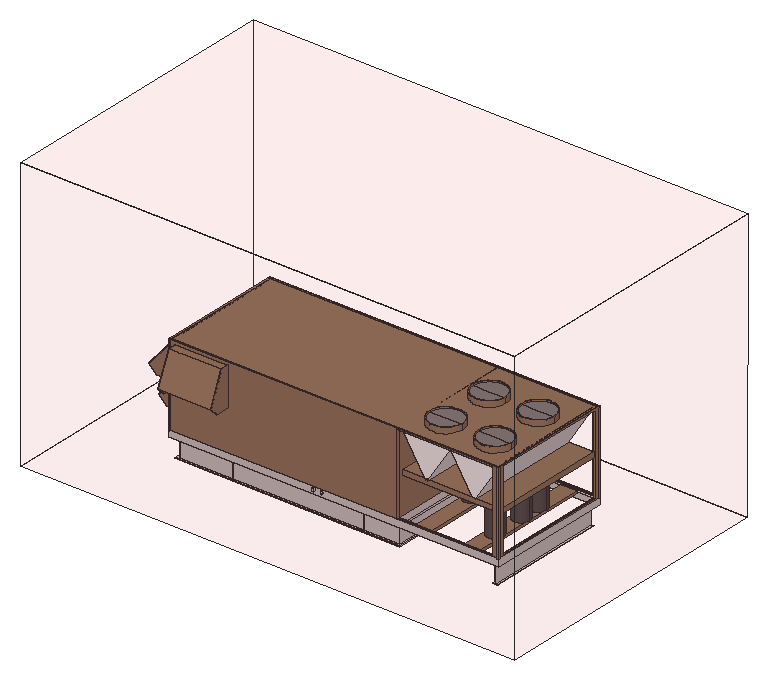
Revit family
Parameters (values of type "25 Ton - A - C - W - 208V")
  Width = 92"  # constant formula
  Water Supply Connection Diameter = 2"  # constant formula
  Water Return Connection Diameter = 2"  # constant formula
  Water Heating Pressure Drop [instance] = 0.00 psi
  Water Out Connector Description = "Water Out"  # constant formula
  Voltage = 208 V
  URL = "www.johnsoncontrols.com"
  Temperature Rise Range [instance] = 0 °F
  Supply Fan HP = 0 VA
  Supply Fan Full Load Current = 0 A
  Supply Air Connection Width = 71 39/64"  # constant formula
  Supply Air Connection Height = 26"  # constant formula
  Supply Air Connection Description = "Supply Air"  # constant formula
  Steady State Efficiency [instance] = 0
  Static Resistance [instance] = 0
  Standard Capacity Evaporator [instance] = "12.3"
  Serial Number [instance] = ""
  Seasonal Energy Efficiency Rating [instance] = 0
  Right Screen Detail Width = Width - 8"  # 84"
  Return Dry Bulb Temperature [instance] = 68 °F
  Return Air Connection Width = 83"  # constant formula
  Return Air Connection Height = 38 151/256"  # constant formula
  Return Air Connection Description = "Return Air"  # constant formula
  Refrigerant Used = "R-410A"  # constant formula
  Refrigerant Charge System Two = 12.00 lbf
  Refrigerant Charge System Three = 10.00 lbf
  Refrigerant Charge System One = 12.00 lbf
  Refrigerant Charge System Four = 10.00 lbf
  Product Page URL = "http://www.johnsoncontrols.com/publish/us/en/products/building_efficiency/integrated_hvac_systems/Industrial___Commercial_HVAC_Equipment/single-package_units/series_40.html"
  Product Documentation Link = "http://www.johnsoncontrols.com/publish/etc/medialib/jci/be/commercial/products/industrial___commercial/single-package_units.Par.62966.File.dat/series%2040-%20T%20series.pdf"
  Power Front Connection Diameter = 2 1/2"  # constant formula
  Power Factor = 1  # constant formula
  Power Exhaust Width = 59 133/256"  # constant formula
  Power Exhaust [instance] = yes
  Power Convenience Outlet Description [instance] = if(Power Convenience Outlet, "Convenience Electrical Connection", "Disable")  # "Convenience Electrical Connection"
  Power Convenience Outlet [instance] = yes
  Power Connector Description = "Equipment Power"  # constant formula
  Power Connection Diameter = 3 5/8"  # constant formula
  Outdoor Ambient Temperature [instance] = 75 °F
  Outdoor Air Wet Bulb Temperature [instance] = 57 °F
  Operating Weight = 0.00 lbf
  OmniClass Title = "Packaged Rooftop Air Conditioning Units"  # constant formula
  OmniClass Number = "23.75.10.24.21.27.14"  # constant formula
  Number of Poles = 3
  Nominal Cooling Capacity = 0.0 ton
  Model = "V32AW"
  Maximum Overcurrent Protection = 0 A
  Manufacturer = "Johnson Controls, Inc."  # constant formula
  Length = 240"  # constant formula
  Keynote = "15700"
  Integrated Part Load Value = 0
  Water In Connector Description = "Water In"  # constant formula
  Heating Water Entering Temperature [instance] = 0 °F
  Hot Gas By Pass [instance] = no
  Height = 64"  # constant formula
  Water Inlet Offset Front = 11 225/256"  # constant formula
  Water Connection Radius = Water Supply Connection Diameter / 2  # 1"
  Heating Coil Size = "22.5\" x 65\""
  Heating Coil Row Quantity = 2
  Heating Coil Fin Density per Inch = 16  # constant formula
  Power Front Connection Radius = Power Front Connection Diameter / 2  # 1 1/4"
  Frame Material = Metal - JCI - Steel - Galvanized With Wood Nailer
  Frame Finish = Paint - JCI - Powder Coated - Champagne
  Filter Type = "2\" TA"
  Filter Size and Quantity = "4 / 16 x 25 & 6 / 20 x 25"  # constant formula
  Filter Face Area = 30.40 SF  # constant formula
  Family Revision Date = "06/18/2010"  # constant formula
  Exhaust Fan Type = "FC"  # constant formula
  Exhaust Fan Quantity = 1
  Exhaust Fan HP [instance] = 0 VA
  Exhaust Fan Drive = "Belt Drive"
  Exhaust Air Flow = 0 CFM
  Exhaust Air Blower Full Load Current [instance] = 0 A
  Evaporator Coil Row Count = 2
  Evaporator Coil Fins per Inch = 16  # constant formula
  Evaporator Coil Face Area = 26.00 SF
  Economizer Damper Hood Right [instance] = not(Economizer Damper Hood Left)  # yes
  Door Screen Detail Height = Height - 5 5/8"  # 58 3/8"
  Design Supply Air Flow [instance] = 0 CFM
  Curb Exists [instance] = yes
  Convenience Outlet Voltage [instance] = if(Power Convenience Outlet, 115 V, 0 V)  # 115 V
  Convenience Outlet Full Load Current = 0 A
  External Static Pressure [instance] = 0.00 in-wg
  Energy Efficiency Rating = 10.5
  Economizer Damper Hood Left [instance] = no
  Description = "Air Handling Unit, Commercial Comfort Systems, Series 40, Cooling And Hot Water Heating-Bottom Return And Bottom Supply - 25 to 40 Ton Unit"  # constant formula
  Curb Width = 87"  # constant formula
  Curb Thicknes = 2"  # constant formula
  Curb Metal Gauge = 1/8"  # constant formula
  Curb Length = 235"  # constant formula
  Curb Height = 14"
  Curb Material = Metal - JCI - Steel - Galvanized With Wood Nailer
  Copyright © = "Copyright © 2001-2009 Johnson Controls"  # constant formula
  Condenser Fan Quantity = 4
  Condenser Fan HP = 0 VA
  Condenser Fan Full Load Current = 0 A
  Condenser Fan Drive Type = "Belt Drive"
  Condenser Fan Diameter = 24"
  Condenser Coils Fins per Inch = 16  # constant formula
  Condenser Coil Rows = 2
  Condenser Coil Material = Metal - JCI - Aluminum - Perforated - Micro Channel
  Condensate Drain Flow [instance] = 0 GPM
  Condensate Drain Connection Radius = Condensate Drain Connection Diameter / 2  # 3/4"
  Condensate Drain Connection Diameter = 1 1/2"  # constant formula
  Condensate Drain Connection Description = "Condensate Drain"  # constant formula
  Compressor Type = "Scroll"  # constant formula
  Compressor Size = "5.7 Tons"
  Compressor Running Load Current = 0 A
  Compressor Quantity = 4
  Compressor Maximum Continuous Current = 0 A
  Compressor Material = Metal - JCI - Cast Iron - Coated Black
  Compressor Locked Rotor Current = 0 A
  Clearance Top = 120"
  Clearance Right = 60"
  Clearance Left = 60"
  Clearance Front = 60"
  Clearance Bottom [instance] = if(Curb Exists, CTRL Curb Height, 0")  # 14"
  Clearance Back = 60"
  Clearance [instance] = Include Clearance : Include Clearance
  Power Connection Radius = Power Connection Diameter / 2  # 1 13/16"
  CTRL Curb Height [instance] = if(Curb Exists, if(Curb Height < 9", 8", 14"), 0")  # 14"
  Assembly Code = "D3050200"
  Actual Supply Air Flow [instance] = 0 CFM
  Actual Return Air Flow [instance] = 0 CFM
  Actual Heating Water Flow [instance] = 0 GPM
Reference planes (in)
  plane 1 "Center (Front/Back)": y = 0
  plane 2 "Curb Bottom": z = 0
  plane 3 "Center (Left/Right)": x = 0
  plane 4 "Curb Left": x = -117.5
  plane 5 "Curb Right": x = 117.5
  plane 6 "Curb Front": y = -43.5
  plane 7 "Curb Back": y = 43.5
  plane 8 "Return Air Left": x = -115.5
  plane 9 "Right Rail Center L/R": x = 115.5
  plane 10 "Return Air Front": y = -41.5
  plane 11 "Return Air Back": y = 41.5
  plane 12 "Curb Top": z = 14
  plane 13 "Curb Top Offset": z = 12.5
  plane 14 "Return Air Right": x = -76.91016
  plane 15 "Return Air Right Inset": x = -74.91016
  plane 16 "Supply Air Left": x = 18.17984
  plane 17 "Supply Air Right'": x = 44.17984
  plane 18 "Supply Air Right Offset": x = 46.17984
  plane 19 "Supply Air Left Offset": x = 16.17984
  plane 20 "Supply Air Front": y = -30.10938
  plane 21 "Supply Air Front Offset": y = -32.10938
  plane 22 "Right Rail Left": x = 113.5
  plane 23 "Right": x = 120
  plane 24 "Left": x = -120
  plane 25 "Back": y = 46
  plane 26 "Front": y = -46
  plane 27 "Center of Drain Connection L/R": x = -39.07
  plane 28 "Top of Base": z = 18.625
  plane 29 "Drain Center T/B": z = 16.3125
  plane 30 "Drain Back": y = 47
  plane 31 "Flanged Drain Left": x = -42.195
  plane 32 "Flanged Drain Right": x = -35.945
  plane 33 "Center of Electrical Connection L/R": x = -8.5
  plane 34 "Center of Electrical Connection F/B": y = -39.54
  plane 35 "Center of Connection Holes T/B": z = 17.0625
  plane 36 "Water Inlet Center F/B": y = -34.12109
  plane 37 "Water Inlet Center L/R": x = 20.42984
  plane 38 "Power Exhaust Bottom": z = 21.94
  plane 39 "Center (Elevation)": z = 46
  plane 40 "Top Inset": z = 77.5
  plane 41 "Top": z = 78
  plane 42 "Top of Economizer Rain Hood": z = 76
  plane 43 "Condenser Fans Right": x = 99.66996
  plane 44 "Condenser Fans Center L/R": x = 81.83992
  plane 45 "Condenser Fans Left": x = 64.00988
  plane 46 "Condenser Fans Back": y = 15.33333
  plane 47 "Condenser Fans Front": y = -23.97667
  plane 48 "Water Outlet Center L/R": x = 41.62984
  plane 49 "Water Outlet Center F/B": y = -37.62
  plane 50 "Power Convenience Outlet Center L/R": x = -14.5
  plane 51 "Power Convenience Outlet Left": x = -15.25
  plane 52 "Power Convenience Outlet Right": x = -13.75
  plane 53 "Power Convenience Outlet Bottom": z = 16.0625
  plane 54 "Power Convenience Outlet Top": z = 18.0625
  plane 55 "Power Convenience Outlet Front": y = -46.75
  plane 56 "Return Center": x = -96.20508
  plane 57 "Supply Center": x = 31.17219
  plane 58 "Supply Middle": y = 5.69134
Forms (in)
  Sweep 1, solid, material "Metal - JCI - Steel - Galvanized With Wood Nailer" <- "Curb Material", visible <- "Curb Exists", detail levels fine
    path origin (0, 0, 0) x (1, 0, 0) y (0, 1, 0)
      loop
        line (-115.5, 41.5) -> (-115.5, -41.5) -> (44.17984, -41.5) -> (44.17984, 41.5) -> (-115.5, 41.5)
    profile origin (-35.66008, 41.5, 0) x (0, 1, 0) y (0, 0, 1)
      loop
        line (0, 0) -> (2, 0) -> (2, 0.125) -> (0.125, 0.125) -> (0.125, 13.875) -> (1.875, 13.875) -> (1.875, 12.5) -> (2, 12.5) -> (2, 14) -> (0, 14) -> (0, 0)
  Extrusion 2, solid, material "Metal - JCI - Steel - Galvanized With Wood Nailer" <- "Curb Material", visible <- "Curb Exists", detail levels fine
    sketch origin (0, 0, 0) x (1, 0, 0) y (0, 0, 1)
      loop
        line (16.17984, 12.5) -> (16.30484, 12.5) -> (16.30484, 13.875) -> (18.05484, 13.875) -> (18.05484, 0.125) -> (16.17984, 0.125) -> (16.17984, 0) -> (18.17984, 0) -> (18.17984, 14) -> (16.17984, 14) -> (16.17984, 12.5)
      loop
        line (-74.91016, 12.5) -> (-74.91016, 14) -> (-76.91016, 14) -> (-76.91016, 0) -> (-74.91016, 0) -> (-74.91016, 0.125) -> (-76.78516, 0.125) -> (-76.78516, 13.875) -> (-75.03516, 13.875) -> (-75.03516, 12.5) -> (-74.91016, 12.5)
    from -41.5 to 41.5
  Extrusion 3, solid, material "Metal - JCI - Steel - Galvanized With Wood Nailer" <- "Curb Material", visible <- "Curb Exists", detail levels fine
    sketch origin (0, 0, 0) x (0, 1, 0) y (0, 0, 1)
      loop
        line (-32.10938, 0.125) -> (-32.10938, 0) -> (-30.10938, 0) -> (-30.10938, 14) -> (-32.10938, 14) -> (-32.10938, 12.5) -> (-31.98438, 12.5) -> (-31.98438, 13.875) -> (-30.23438, 13.875) -> (-30.23438, 0.125) -> (-32.10938, 0.125)
    from 18.17984 to 44.17984
  Extrusion 4, solid, material "Metal - JCI - Steel - Galvanized With Wood Nailer" <- "Curb Material", visible <- "Curb Exists", detail levels fine
    sketch origin (0, 0, 0) x (1, 0, 0) y (0, 0, 1)
      loop
        line (113.5, 0.125) -> (113.5, 0) -> (117.5, 0) -> (117.5, 0.125) -> (115.625, 0.125) -> (115.625, 13.875) -> (117.375, 13.875) -> (117.375, 12.5) -> (117.5, 12.5) -> (117.5, 14) -> (113.5, 14) -> (113.5, 12.5) -> (113.625, 12.5) -> (113.625, 13.875) -> (115.375, 13.875) -> (115.375, 0.125) -> (113.5, 0.125)
    from -43.5 to 43.5
  Extrusion 5, solid, material "Metal - JCI - Steel - Galvanized With Wood Nailer" <- "Curb Material", visible <- "Curb Exists", detail levels medium
    sketch origin (0, 0, 12.5) x (-1, 0, 0) y (0, -1, 0)
      loop
        line (117.5, -43.5) -> (117.5, 43.5) -> (-46.17984, 43.5) -> (-46.17984, -43.5) -> (117.5, -43.5)
      loop
        line (-113.5, -43.5) -> (-113.5, 43.5) -> (-117.5, 43.5) -> (-117.5, -43.5) -> (-113.5, -43.5)
      loop
        line (-18.17984, -41.5) -> (-18.17984, 30.10938) -> (-44.17984, 30.10938) -> (-44.17984, -41.5) -> (-18.17984, -41.5)
      loop
        line (115.5, -41.5) -> (115.5, 41.5) -> (76.91016, 41.5) -> (76.91016, -41.5) -> (115.5, -41.5)
    from -12.5 to 1.5
  Revolve 6, solid, material "Metal - JCI - Steel - Galvanized With Wood Nailer" <- "Curb Material", detail levels medium+fine
    sketch origin (0, 0, 16.3125) x (-1, 0, 0) y (0, -1, 0)
      loop
        line (39.07, -47) -> (39.07, -46) -> (38.32, -46) -> (38.32, -47) -> (39.07, -47)
      axis (39.07, -46) -> (39.07, -47)
    angle from 0 to 360
  Extrusion 7, solid, material "Metal - JCI - Steel - Galvanized With Wood Nailer" <- "Curb Material", detail levels medium+fine
    sketch origin (0, -43.5, 0) x (-1, 0, 0) y (0, 0, 1)
      loop
        line (42.195, 18.625) -> (35.945, 18.625) -> (35.945, 14) -> (42.195, 14) -> (42.195, 18.625)
      loop
        circle (39.07, 16.3125) r 0.75
    from 89.5 to 89.57955
  Extrusion 8, void
    sketch origin (0, -43.5, 0) x (-1, 0, 0) y (0, 0, 1)
      loop
        circle (8.5, 17.0625) r 1.25
    from -2.5 to 3.96
  Extrusion 9, void
    sketch origin (0, 0, 16.3125) x (-1, 0, 0) y (0, -1, 0)
      loop
        line (-18.17984, -41.5) -> (-18.17984, 30.10938) -> (-44.17984, 30.10938) -> (-44.17984, -41.5) -> (-18.17984, -41.5)
    from -3.8125 to -2.3125
  Extrusion 10, void
    sketch origin (0, 0, 16.3125) x (-1, 0, 0) y (0, -1, 0)
      loop
        line (115.5, -41.5) -> (115.5, 41.5) -> (76.91016, 41.5) -> (76.91016, -41.5) -> (115.5, -41.5)
    from -3.8125 to -2.3125
  Extrusion 11, void
    sketch origin (0, 0, 16.3125) x (-1, 0, 0) y (0, -1, 0)
      loop
        circle (-20.42984, 34.12109) r 1
    from -3.8125 to 2.3125
  Revolve 12, void
    sketch origin (0, -37.62, 0) x (-1, 0, 0) y (0, 0, 1)
      loop
        line (-41.62984, 18.625) -> (-41.62984, 12.5) -> (-40.62984, 12.5) -> (-40.62984, 18.625) -> (-41.62984, 18.625)
      axis (-41.62984, 12.5) -> (-41.62984, 18.625)
    angle from 0 to 360
  Extrusion 13, solid, material "Metal - JCI - Steel - Galvanized With Wood Nailer" <- "Frame Material", visible <- "Power Convenience Outlet", detail levels fine
    sketch origin (0, -43.5, 0) x (-1, 0, 0) y (0, 0, 1)
      loop
        line (15.25, 18.0625) -> (13.75, 18.0625) -> (13.75, 16.0625) -> (15.25, 16.0625) -> (15.25, 18.0625)
    from -3.25 to -2.5
Lines and regions (in)
  Masking region 1
    outline origin (0, 0, 0) x (1, 0, 0) y (0, 0, 1)
      loop
        line (113.5, 14) -> (113.5, 0) -> (117.5, 0) -> (117.5, 14) -> (113.5, 14)
      loop
        line (-117.5, 14) -> (-117.5, 0) -> (46.17984, 0) -> (46.17984, 14) -> (-117.5, 14)
  Masking region 2
    outline origin (0, 0, 0) x (0, 1, 0) y (0, 0, 1)
      loop
        line (-43.5, 14) -> (-43.5, 0) -> (43.5, 0) -> (43.5, 14) -> (-43.5, 14)
  Masking region 3, visible <- "Power Convenience Outlet", detail levels medium+fine
    outline origin (-39.07, 0, 0) x (0, -1, 0) y (0, 0, 1)
      loop
        line (46.75, 18.0625) -> (46, 18.0625) -> (46, 16.0625) -> (46.75, 16.0625) -> (46.75, 18.0625)
  Masking region 4, visible <- "Power Convenience Outlet"
    outline origin (0, -46.75, 0) x (0, 0, -1) y (1, 0, 0)
      loop
        line (-18.0625, -15.25) -> (-16.0625, -15.25) -> (-16.0625, -13.75) -> (-18.0625, -13.75) -> (-18.0625, -15.25)
  Masking region 5, visible <- "Power Convenience Outlet", detail levels medium+fine
    outline origin (0, 0, 16.3125) x (-1, 0, 0) y (0, -1, 0)
      loop
        line (15.25, 46) -> (15.25, 46.75) -> (13.75, 46.75) -> (13.75, 46) -> (15.25, 46)
  Masking region 6, detail levels medium+fine
    outline origin (-39.07, 0, 0) x (0, -1, 0) y (0, 0, 1)
      loop
        line (-46, 17.0625) -> (-47, 17.0625) -> (-47, 15.5625) -> (-46, 15.5625) -> (-46, 17.0625)
  Masking region 7, detail levels medium+fine
    outline origin (0, 0, 16.3125) x (-1, 0, 0) y (0, -1, 0)
      loop
        line (39.82, -47) -> (39.82, -46) -> (38.32, -46) -> (38.32, -47) -> (39.82, -47)
  model lines, style "Roof Curv", visible <- "Curb Exists", detail levels coarse
    curve 1: line (-117.5, 43.5, 0) -> (46.17984, 43.5, 0)
    curve 2: line (-117.5, 43.5, 0) -> (-117.5, -43.5, 0)
    curve 3: line (-117.5, -43.5, 0) -> (46.17984, -43.5, 0)
    curve 4: line (46.17984, 43.5, 0) -> (46.17984, -43.5, 0)
    curve 5: line (115.5, 43.5, 0) -> (115.5, -43.5, 0)
    curve 6: line (-117.5, 43.5, 14) -> (46.17984, 43.5, 14)
    curve 7: line (-117.5, -43.5, 14) -> (46.17984, -43.5, 14)
    curve 8: line (46.17984, 43.5, 14) -> (46.17984, -43.5, 14)
    curve 9: line (-117.5, 43.5, 14) -> (-117.5, -43.5, 14)
    curve 10: line (115.5, 43.5, 14) -> (115.5, -43.5, 14)
    curve 11: line (113.5, -43.5, 14) -> (117.5, -43.5, 14)
    curve 12: line (113.5, 43.5, 14) -> (117.5, 43.5, 14)
    curve 13: line (113.5, 43.5, 0) -> (117.5, 43.5, 0)
    curve 14: line (113.5, -43.5, 0) -> (117.5, -43.5, 0)
    curve 15: line (117.5, 43.5, 14) -> (117.5, 43.5, 12.5)
    curve 16: line (113.5, 43.5, 14) -> (113.5, 43.5, 12.5)
    curve 17: line (115.5, 43.5, 14) -> (115.5, 43.5, 0)
    curve 18: line (113.5, -43.5, 14) -> (113.5, -43.5, 12.5)
    curve 19: line (117.5, -43.5, 14) -> (117.5, -43.5, 12.5)
    curve 20: line (115.5, -43.5, 14) -> (115.5, -43.5, 0)
    curve 21: line (113.5, 43.5, 0) -> (113.5, -43.5, 0)
    curve 22: line (117.5, 43.5, 0) -> (117.5, -43.5, 0)
    curve 23: line (113.5, 43.5, 14) -> (113.5, -43.5, 14)
    curve 24: line (117.5, 43.5, 14) -> (117.5, -43.5, 14)
    curve 25: line (117.5, 43.5, 12.5) -> (117.5, -43.5, 12.5)
    curve 26: line (113.5, -43.5, 12.5) -> (113.5, 43.5, 12.5)
    curve 27: line (44.17984, 41.5, 14) -> (44.17984, 41.5, 0)
    curve 28: line (-115.5, 41.5, 14) -> (-115.5, 41.5, 0)
    curve 29: line (-115.5, -41.5, 14) -> (-115.5, -41.5, 0)
    curve 30: line (44.17984, -41.5, 14) -> (44.17984, -41.5, 0)
    curve 31: line (-115.5, 41.5, 0) -> (44.17984, 41.5, 0)
    curve 32: line (-115.5, -41.5, 0) -> (44.17984, -41.5, 0)
    curve 33: line (44.17984, 41.5, 0) -> (44.17984, -41.5, 0)
    curve 34: line (-115.5, 41.5, 0) -> (-115.5, -41.5, 0)
    curve 35: line (-115.5, 41.5, 14) -> (44.17984, 41.5, 14)
    curve 36: line (44.17984, 41.5, 14) -> (44.17984, -41.5, 14)
    curve 37: line (44.17984, -41.5, 14) -> (-115.5, -41.5, 14)
    curve 38: line (-115.5, -41.5, 14) -> (-115.5, 41.5, 14)
    curve 39: line (-117.5, 43.5, 14) -> (-115.5, 41.5, 14)
    curve 40: line (-117.5, -43.5, 14) -> (-115.5, -41.5, 14)
    curve 41: line (44.17984, -41.5, 14) -> (46.17984, -43.5, 14)
    curve 42: line (44.17984, 41.5, 14) -> (46.17984, 43.5, 14)
    curve 43: line (44.17984, 41.5, 0) -> (46.17984, 43.5, 0)
    curve 44: line (44.17984, -41.5, 0) -> (46.17984, -43.5, 0)
    curve 45: line (-115.5, -41.5, 0) -> (-117.5, -43.5, 0)
    curve 46: line (-115.5, 41.5, 0) -> (-117.5, 43.5, 0)
    curve 47: line (-117.5, 43.5, 14) -> (-117.5, 43.5, 12.5)
    curve 48: line (46.17984, 43.5, 14) -> (46.17984, 43.5, 12.5)
    curve 49: line (-117.5, -43.5, 14) -> (-117.5, -43.5, 12.5)
    curve 50: line (46.17984, -43.5, 14) -> (46.17984, -43.5, 12.5)
    curve 51: line (-117.5, 43.5, 12.5) -> (46.17984, 43.5, 12.5)
    curve 52: line (-117.5, -43.5, 12.5) -> (-117.5, 43.5, 12.5)
    curve 53: line (46.17984, -43.5, 12.5) -> (-117.5, -43.5, 12.5)
    curve 54: line (46.17984, 43.5, 12.5) -> (46.17984, -43.5, 12.5)
  model lines, style "Roof Curv", detail levels coarse
    curve 55: line (-39.07, 46, 16.3125) -> (-39.07, 47, 16.3125)
  symbolic lines, style "Roof Curv", detail levels coarse
    curve 56: line (-39.07, 46, 16.3125) -> (-39.07, 47, 16.3125)
    curve 57: line (-39.07, 46, 16.3125) -> (-39.07, 47, 16.3125)
  model lines, style "Frame Unit", visible <- "Power Convenience Outlet", detail levels coarse
    curve 58: line (-14.5, -46.75, 17.0625) -> (-14.5, -46, 17.0625)
    curve 61: line (-15.25, -46, 18.0625) -> (-13.75, -46, 18.0625)
    curve 62: line (-13.75, -46, 18.0625) -> (-13.75, -46, 16.0625)
    curve 63: line (-13.75, -46, 16.0625) -> (-15.25, -46, 16.0625)
    curve 64: line (-15.25, -46, 16.0625) -> (-15.25, -46, 18.0625)
  symbolic lines, style "Roof Curv", visible <- "Power Convenience Outlet", detail levels coarse
    curve 59: line (-14.5, -46.75, 17.0625) -> (-14.5, -46, 17.0625)
    curve 60: line (-14.5, -46, 16.3125) -> (-14.5, -46.75, 16.3125)
Dimensions and locks (in)
  "Curb Thicknes": plane 9 "Right Rail Center L/R" to plane 5 "Curb Right"
  "Curb Thicknes": plane 4 "Curb Left" to plane 8 "Return Air Left"
  "Curb Height": plane 12 "Curb Top" to plane 2 "Curb Bottom"
  locked: plane 12 "Curb Top" to plane 13 "Curb Top Offset" at 1.5
  "Curb Metal Gauge": Sweep 1 sketch curve to plane 7 "Curb Back"
  "Curb Metal Gauge": plane 12 "Curb Top" to Sweep 1 sketch curve
  "Curb Metal Gauge": plane 11 "Return Air Back" to Sweep 1 sketch curve
  "Curb Metal Gauge": Sweep 1 sketch curve to plane 2 "Curb Bottom"
  "Curb Thicknes": plane 14 "Return Air Right" to plane 15 "Return Air Right Inset"
  "Return Air Connection Height": plane 8 "Return Air Left" to plane 14 "Return Air Right"
  "Supply Air Connection Height": plane 16 "Supply Air Left" to plane 17 "Supply Air Right'"
  "Curb Thicknes": plane 17 "Supply Air Right'" to plane 18 "Supply Air Right Offset"
  "Curb Thicknes": plane 19 "Supply Air Left Offset" to plane 16 "Supply Air Left"
  locked: plane 18 "Supply Air Right Offset" to plane 5 "Curb Right" at 71.32016
  "Curb Metal Gauge": plane 14 "Return Air Right" to Extrusion 2 sketch curve
  "Curb Metal Gauge": Extrusion 2 sketch curve to plane 2 "Curb Bottom"  (x2)
  "Curb Metal Gauge": Extrusion 2 sketch curve to plane 15 "Return Air Right Inset"
  "Curb Metal Gauge": plane 12 "Curb Top" to Extrusion 2 sketch curve  (x2)
  "Curb Metal Gauge": plane 19 "Supply Air Left Offset" to Extrusion 2 sketch curve
  "Curb Metal Gauge": Extrusion 2 sketch curve to plane 16 "Supply Air Left"
  "Supply Air Connection Width": plane 20 "Supply Air Front" to plane 11 "Return Air Back"
  "Curb Thicknes": plane 20 "Supply Air Front" to plane 21 "Supply Air Front Offset"
  "Curb Metal Gauge": Extrusion 3 sketch curve to plane 20 "Supply Air Front"
  "Curb Metal Gauge": plane 21 "Supply Air Front Offset" to Extrusion 3 sketch curve
  "Curb Metal Gauge": plane 12 "Curb Top" to Extrusion 3 sketch curve
  "Curb Metal Gauge": Extrusion 3 sketch curve to plane 2 "Curb Bottom"
  "Curb Thicknes": plane 22 "Right Rail Left" to plane 9 "Right Rail Center L/R"
  "Curb Metal Gauge": plane 12 "Curb Top" to Extrusion 4 sketch curve
  "Curb Metal Gauge": Extrusion 4 sketch curve to plane 5 "Curb Right"
  "Curb Metal Gauge": Extrusion 4 sketch curve to plane 2 "Curb Bottom"
  "Curb Metal Gauge": Extrusion 4 sketch curve to plane 9 "Right Rail Center L/R"
  "Curb Metal Gauge": plane 9 "Right Rail Center L/R" to Extrusion 4 sketch curve
  "Curb Metal Gauge": Extrusion 4 sketch curve to plane 22 "Right Rail Left"
  equal spacing: plane 24 "Left", plane 3 "Center (Left/Right)", plane 23 "Right"
  "Length": plane 24 "Left" to plane 23 "Right"
  equal spacing: plane 25 "Back", plane 1 "Center (Front/Back)", plane 26 "Front"
  "Width": plane 25 "Back" to plane 26 "Front"
  locked: plane 7 "Curb Back" to plane 25 "Back" at 2.5
  locked: plane 6 "Curb Front" to plane 26 "Front" at 2.5
  "Curb Thicknes": plane 10 "Return Air Front" to plane 6 "Curb Front"
  "Curb Thicknes": plane 11 "Return Air Back" to plane 7 "Curb Back"
  locked: plane 5 "Curb Right" to plane 23 "Right" at 2.5
  locked: plane 24 "Left" to plane 4 "Curb Left" at 2.5
  locked: plane 24 "Left" to plane 27 "Center of Drain Connection L/R" at 80.93
  locked: plane 28 "Top of Base" to plane 12 "Curb Top" at 4.625
  equal spacing: plane 28 "Top of Base", plane 29 "Drain Center T/B", plane 12 "Curb Top"
  "Condensate Drain Connection Radius": Revolve 6 sketch curve to Revolve 6 sketch curve
  locked: plane 25 "Back" to plane 30 "Drain Back" at 1
  equal spacing: plane 32 "Flanged Drain Right", plane 27 "Center of Drain Connection L/R", plane 31 "Flanged Drain Left"
  locked: plane 32 "Flanged Drain Right" to plane 31 "Flanged Drain Left" at 6.25
  "Condensate Drain Connection Radius": Extrusion 7 sketch curve to plane 29 "Drain Center T/B"
  "Condensate Drain Connection Radius": plane 27 "Center of Drain Connection L/R" to Extrusion 7 sketch curve
  locked: plane 25 "Back" to Extrusion 7 at 0.07955
  locked: plane 33 "Center of Electrical Connection L/R" to plane 23 "Right" at 128.5
  locked: plane 34 "Center of Electrical Connection F/B" to plane 26 "Front" at 6.46
  locked: plane 35 "Center of Connection Holes T/B" to plane 12 "Curb Top" at 3.0625
  "Power Front Connection Radius": plane 33 "Center of Electrical Connection L/R" to Extrusion 8 sketch curve
  "Power Front Connection Radius": plane 35 "Center of Connection Holes T/B" to Extrusion 8 sketch curve
  "Water Inlet Offset Front": plane 36 "Water Inlet Center F/B" to plane 26 "Front"
  "Water Connection Radius": plane 37 "Water Inlet Center L/R" to Extrusion 11 sketch curve
  "Water Connection Radius": plane 36 "Water Inlet Center F/B" to Extrusion 11 sketch curve
  locked: plane 38 "Power Exhaust Bottom" to plane 12 "Curb Top" at 7.94
  locked: plane 41 "Top" to plane 42 "Top of Economizer Rain Hood" at 2
  locked: plane 41 "Top" to plane 40 "Top Inset" at 0.5
  equal spacing: plane 41 "Top", plane 39 "Center (Elevation)", plane 12 "Curb Top"
  "Height": plane 41 "Top" to plane 12 "Curb Top"
  equal spacing: plane 18 "Supply Air Right Offset", plane 45 "Condenser Fans Left", plane 44 "Condenser Fans Center L/R", plane 43 "Condenser Fans Right", plane 5 "Curb Right"
  locked: plane 47 "Condenser Fans Front" to plane 46 "Condenser Fans Back" at 39.31
  locked: plane 46 "Condenser Fans Back" to plane 25 "Back" at 30.66667
  locked: plane 16 "Supply Air Left" to plane 37 "Water Inlet Center L/R" at 2.25
  locked: plane 48 "Water Outlet Center L/R" to plane 17 "Supply Air Right'" at 2.55
  locked: plane 49 "Water Outlet Center F/B" to plane 26 "Front" at 8.38
  "Water Connection Radius": Revolve 12 sketch curve to Revolve 12 sketch curve
  locked: plane 50 "Power Convenience Outlet Center L/R" to plane 33 "Center of Electrical Connection L/R" at 6
  locked: plane 51 "Power Convenience Outlet Left" to plane 52 "Power Convenience Outlet Right" at 1.5
  equal spacing: plane 52 "Power Convenience Outlet Right", plane 50 "Power Convenience Outlet Center L/R", plane 51 "Power Convenience Outlet Left"
  equal spacing: plane 54 "Power Convenience Outlet Top", plane 35 "Center of Connection Holes T/B", plane 53 "Power Convenience Outlet Bottom"
  locked: plane 54 "Power Convenience Outlet Top" to plane 53 "Power Convenience Outlet Bottom" at 2
  locked: plane 55 "Power Convenience Outlet Front" to plane 26 "Front" at 0.75
  "Condensate Drain Connection Radius": plane 29 "Drain Center T/B" to Masking region 6 sketch curve  (x2)
  "Condensate Drain Connection Radius": plane 27 "Center of Drain Connection L/R" to Masking region 7 sketch curve
  "Condensate Drain Connection Radius": Masking region 7 sketch curve to plane 27 "Center of Drain Connection L/R"
  "Power Front Connection Radius": radius of Extrusion 8 sketch curve
  "Water Connection Radius": radius of Extrusion 11 sketch curve
  aligned and locked: plane 2 "Curb Bottom" to level
  aligned and locked: Sweep 1 sketch curve to plane 11 "Return Air Back"
  aligned and locked: Sweep 1 sketch curve to plane 12 "Curb Top"
  aligned and locked: plane 13 "Curb Top Offset" to Sweep 1 sketch curve
  aligned and locked: plane 11 "Return Air Back" to Sweep 1 sketch curve
  aligned and locked: plane 10 "Return Air Front" to Sweep 1 sketch curve
  aligned and locked: Sweep 1 sketch curve to plane 8 "Return Air Left"
  aligned and locked: plane 7 "Curb Back" to Sweep 1 sketch curve
  aligned and locked: Sweep 1 sketch curve to plane 2 "Curb Bottom"
  aligned and locked: plane 17 "Supply Air Right'" to Sweep 1 sketch curve
  aligned and locked: plane 16 "Supply Air Left" to Extrusion 2 sketch curve
  aligned and locked: Extrusion 2 sketch curve to plane 19 "Supply Air Left Offset"  (x2)
  aligned and locked: Extrusion 2 sketch curve to plane 12 "Curb Top"
  aligned and locked: plane 2 "Curb Bottom" to Extrusion 2 sketch curve
  aligned and locked: Extrusion 2 sketch curve to plane 15 "Return Air Right Inset"  (x2)
  aligned and locked: plane 14 "Return Air Right" to Extrusion 2 sketch curve
  aligned and locked: plane 12 "Curb Top" to Extrusion 2 sketch curve
  aligned and locked: Extrusion 2 sketch curve to plane 2 "Curb Bottom"
  aligned and locked: Extrusion 2 to plane 11 "Return Air Back"
  aligned and locked: Extrusion 2 to plane 10 "Return Air Front"
  aligned and locked: Extrusion 2 sketch curve to plane 13 "Curb Top Offset"
  aligned and locked: plane 13 "Curb Top Offset" to Extrusion 2 sketch curve
  aligned and locked: Extrusion 3 sketch curve to plane 12 "Curb Top"
  aligned and locked: plane 2 "Curb Bottom" to Extrusion 3 sketch curve
  aligned and locked: Extrusion 3 sketch curve to plane 20 "Supply Air Front"
  aligned and locked: plane 21 "Supply Air Front Offset" to Extrusion 3 sketch curve  (x2)
  aligned and locked: plane 13 "Curb Top Offset" to Extrusion 3 sketch curve
  aligned and locked: plane 16 "Supply Air Left" to Extrusion 3
  aligned and locked: Extrusion 3 to plane 17 "Supply Air Right'"
  aligned and locked: Extrusion 4 sketch curve to plane 12 "Curb Top"
  aligned and locked: plane 22 "Right Rail Left" to Extrusion 4 sketch curve  (x2)
  aligned and locked: plane 13 "Curb Top Offset" to Extrusion 4 sketch curve  (x2)
  aligned and locked: plane 5 "Curb Right" to Extrusion 4 sketch curve  (x2)
  aligned and locked: plane 2 "Curb Bottom" to Extrusion 4 sketch curve
  aligned and locked: Extrusion 4 sketch curve to Extrusion 4 sketch curve  (x2)
  aligned and locked: Extrusion 4 to plane 7 "Curb Back"
  aligned and locked: Extrusion 4 to plane 6 "Curb Front"
  aligned and locked: plane 6 "Curb Front" to curve 4
  aligned and locked: plane 7 "Curb Back" to curve 5
  aligned and locked: plane 6 "Curb Front" to curve 5
  aligned and locked: curve 5 to plane 9 "Right Rail Center L/R"
  aligned and locked: plane 18 "Supply Air Right Offset" to curve 1
  aligned and locked: plane 4 "Curb Left" to curve 3
  aligned and locked: curve 3 to plane 6 "Curb Front"
  aligned and locked: plane 4 "Curb Left" to curve 9
  aligned and locked: plane 18 "Supply Air Right Offset" to curve 7
  aligned and locked: plane 22 "Right Rail Left" to curve 11
  aligned and locked: plane 22 "Right Rail Left" to curve 14
  aligned and locked: plane 5 "Curb Right" to curve 11
  aligned and locked: plane 5 "Curb Right" to curve 14
  aligned and locked: curve 11 to plane 6 "Curb Front"
  aligned and locked: curve 14 to plane 6 "Curb Front"
  aligned and locked: plane 18 "Supply Air Right Offset" to curve 8
  aligned and locked: plane 7 "Curb Back" to curve 10
  aligned and locked: curve 10 to plane 9 "Right Rail Center L/R"
  aligned and locked: plane 5 "Curb Right" to curve 13
  aligned and locked: plane 22 "Right Rail Left" to curve 12
  aligned and locked: plane 22 "Right Rail Left" to curve 13
  aligned and locked: plane 7 "Curb Back" to curve 12
  aligned and locked: plane 7 "Curb Back" to curve 13
  aligned and locked: plane 4 "Curb Left" to curve 6
  aligned and locked: plane 4 "Curb Left" to curve 1
  aligned and locked: plane 18 "Supply Air Right Offset" to curve 6
  aligned and locked: plane 6 "Curb Front" to curve 9
  aligned and locked: plane 6 "Curb Front" to curve 2
  aligned and locked: plane 12 "Curb Top" to curve 18
  aligned and locked: plane 12 "Curb Top" to curve 16
  aligned and locked: plane 12 "Curb Top" to curve 20
  aligned and locked: plane 12 "Curb Top" to curve 17
  aligned and locked: plane 12 "Curb Top" to curve 15
  aligned and locked: plane 12 "Curb Top" to curve 19
  aligned and locked: plane 13 "Curb Top Offset" to curve 18
  aligned and locked: plane 13 "Curb Top Offset" to curve 16
  aligned and locked: plane 13 "Curb Top Offset" to curve 15
  aligned and locked: plane 13 "Curb Top Offset" to curve 19
  aligned and locked: plane 2 "Curb Bottom" to curve 20
  aligned and locked: plane 2 "Curb Bottom" to curve 17
  aligned and locked: curve 16 to plane 22 "Right Rail Left"
  aligned and locked: curve 18 to plane 22 "Right Rail Left"
  aligned and locked: plane 5 "Curb Right" to curve 15
  aligned and locked: plane 5 "Curb Right" to curve 19
  aligned and locked: curve 17 to plane 9 "Right Rail Center L/R"
  aligned and locked: curve 20 to plane 9 "Right Rail Center L/R"
  aligned and locked: plane 5 "Curb Right" to curve 24
  aligned and locked: plane 7 "Curb Back" to curve 24
  aligned and locked: plane 7 "Curb Back" to curve 23
  aligned and locked: plane 7 "Curb Back" to curve 22
  aligned and locked: plane 7 "Curb Back" to curve 21
  aligned and locked: plane 6 "Curb Front" to curve 23
  aligned and locked: plane 6 "Curb Front" to curve 24
  aligned and locked: plane 6 "Curb Front" to curve 21
  aligned and locked: plane 6 "Curb Front" to curve 22
  aligned and locked: plane 7 "Curb Back" to curve 25
  aligned and locked: plane 7 "Curb Back" to curve 26
  aligned and locked: plane 6 "Curb Front" to curve 25
  aligned and locked: plane 5 "Curb Right" to curve 25
  aligned and locked: plane 22 "Right Rail Left" to curve 26
  aligned and locked: plane 12 "Curb Top" to curve 30
  aligned and locked: plane 12 "Curb Top" to curve 27
  aligned and locked: plane 12 "Curb Top" to curve 28
  aligned and locked: plane 12 "Curb Top" to curve 29
  aligned and locked: plane 2 "Curb Bottom" to curve 29
  aligned and locked: plane 2 "Curb Bottom" to curve 28
  aligned and locked: plane 2 "Curb Bottom" to curve 30
  aligned and locked: plane 2 "Curb Bottom" to curve 27
  aligned and locked: plane 17 "Supply Air Right'" to curve 27
  aligned and locked: plane 17 "Supply Air Right'" to curve 30
  aligned and locked: plane 8 "Return Air Left" to curve 28
  aligned and locked: plane 8 "Return Air Left" to curve 29
  aligned and locked: plane 8 "Return Air Left" to curve 31
  aligned and locked: plane 17 "Supply Air Right'" to curve 35
  aligned and locked: plane 10 "Return Air Front" to curve 36
  aligned and locked: plane 10 "Return Air Front" to curve 33
  aligned and locked: plane 17 "Supply Air Right'" to curve 33
  aligned and locked: curve 32 to plane 10 "Return Air Front"
  aligned and locked: plane 8 "Return Air Left" to curve 32
  aligned and locked: plane 10 "Return Air Front" to curve 38
  aligned and locked: curve 38 to plane 8 "Return Air Left"
  aligned and locked: plane 11 "Return Air Back" to curve 31
  aligned and locked: plane 11 "Return Air Back" to curve 35
  aligned and locked: plane 8 "Return Air Left" to curve 39
  aligned and locked: plane 7 "Curb Back" to curve 39
  aligned and locked: plane 11 "Return Air Back" to curve 42
  aligned and locked: plane 7 "Curb Back" to curve 42
  aligned and locked: plane 7 "Curb Back" to curve 43
  aligned and locked: plane 11 "Return Air Back" to curve 43
  aligned and locked: plane 18 "Supply Air Right Offset" to curve 44
  aligned and locked: plane 17 "Supply Air Right'" to curve 44
  aligned and locked: plane 17 "Supply Air Right'" to curve 41
  aligned and locked: plane 4 "Curb Left" to curve 40
  aligned and locked: plane 6 "Curb Front" to curve 40
  aligned and locked: curve 46 to curve 39
  aligned and locked: plane 7 "Curb Back" to curve 46
  aligned and locked: plane 6 "Curb Front" to curve 41
  aligned and locked: plane 13 "Curb Top Offset" to curve 47
  aligned and locked: plane 13 "Curb Top Offset" to curve 49
  aligned and locked: plane 12 "Curb Top" to curve 47
  aligned and locked: plane 12 "Curb Top" to curve 49
  aligned and locked: plane 4 "Curb Left" to curve 47
  aligned and locked: plane 4 "Curb Left" to curve 49
  aligned and locked: plane 13 "Curb Top Offset" to curve 48
  aligned and locked: plane 13 "Curb Top Offset" to curve 50
  aligned and locked: plane 12 "Curb Top" to curve 50
  aligned and locked: plane 12 "Curb Top" to curve 48
  aligned and locked: plane 18 "Supply Air Right Offset" to curve 48
  aligned and locked: plane 18 "Supply Air Right Offset" to curve 50
  aligned and locked: plane 18 "Supply Air Right Offset" to curve 54
  aligned and locked: plane 7 "Curb Back" to curve 51
  aligned and locked: plane 7 "Curb Back" to curve 54
  aligned and locked: plane 6 "Curb Front" to curve 54
  aligned and locked: plane 18 "Supply Air Right Offset" to curve 53
  aligned and locked: plane 6 "Curb Front" to curve 52
  aligned and locked: plane 4 "Curb Left" to curve 53
  aligned and locked: plane 4 "Curb Left" to curve 51
  aligned and locked: plane 18 "Supply Air Right Offset" to curve 51
  aligned and locked: plane 7 "Curb Back" to curve 52
  aligned and locked: plane 7 "Curb Back" to Extrusion 5 sketch curve  (x2)
  aligned and locked: Extrusion 5 sketch curve to plane 4 "Curb Left"
  aligned and locked: plane 6 "Curb Front" to Extrusion 5 sketch curve  (x2)
  aligned and locked: plane 18 "Supply Air Right Offset" to Extrusion 5 sketch curve
  aligned and locked: plane 22 "Right Rail Left" to Extrusion 5 sketch curve
  aligned and locked: plane 5 "Curb Right" to Extrusion 5 sketch curve
  aligned and locked: Extrusion 5 to plane 2 "Curb Bottom"
  aligned and locked: plane 12 "Curb Top" to Extrusion 5
  aligned and locked: plane 27 "Center of Drain Connection L/R" to Revolve 6 sketch curve
  aligned and locked: Revolve 6 sketch curve to plane 25 "Back"
  aligned and locked: Revolve 6 sketch curve to Revolve 6 sketch curve
  aligned and locked: plane 30 "Drain Back" to Revolve 6 sketch curve
  aligned and locked: plane 25 "Back" to curve 55
  aligned and locked: plane 30 "Drain Back" to curve 55
  aligned and locked: plane 27 "Center of Drain Connection L/R" to curve 55
  aligned and locked: plane 30 "Drain Back" to curve 56
  aligned and locked: plane 25 "Back" to curve 56
  aligned and locked: plane 27 "Center of Drain Connection L/R" to curve 56
  aligned and locked: plane 30 "Drain Back" to curve 57
  aligned and locked: plane 25 "Back" to curve 57
  aligned and locked: curve 57 to plane 29 "Drain Center T/B"
  aligned and locked: plane 32 "Flanged Drain Right" to Extrusion 7 sketch curve
  aligned and locked: plane 12 "Curb Top" to Extrusion 7 sketch curve
  aligned and locked: plane 31 "Flanged Drain Left" to Extrusion 7 sketch curve
  aligned and locked: Extrusion 7 sketch curve to plane 28 "Top of Base"
  aligned and locked: plane 25 "Back" to Extrusion 7
  aligned and locked: plane 34 "Center of Electrical Connection F/B" to Extrusion 8
  aligned and locked: Extrusion 8 to plane 26 "Front"
  aligned and locked: plane 1 "Center (Front/Back)" to nested 1
  aligned and locked: plane 12 "Curb Top" to nested 1
  aligned and locked: plane 3 "Center (Left/Right)" to nested 1
  aligned and locked: Masking region 1 sketch curve to plane 12 "Curb Top"  (x2)
  aligned and locked: Masking region 1 sketch curve to plane 4 "Curb Left"
  aligned and locked: plane 2 "Curb Bottom" to Masking region 1 sketch curve  (x2)
  aligned and locked: plane 18 "Supply Air Right Offset" to Masking region 1 sketch curve
  aligned and locked: plane 5 "Curb Right" to Masking region 1 sketch curve
  aligned and locked: plane 22 "Right Rail Left" to Masking region 1 sketch curve
  aligned and locked: Masking region 2 sketch curve to plane 12 "Curb Top"
  aligned and locked: plane 7 "Curb Back" to Masking region 2 sketch curve
  aligned and locked: plane 2 "Curb Bottom" to Masking region 2 sketch curve
  aligned and locked: plane 6 "Curb Front" to Masking region 2 sketch curve
  aligned and locked: plane 11 "Return Air Back" to Extrusion 9 sketch curve
  aligned and locked: Extrusion 9 sketch curve to plane 16 "Supply Air Left"
  aligned and locked: plane 17 "Supply Air Right'" to Extrusion 9 sketch curve
  aligned and locked: plane 20 "Supply Air Front" to Extrusion 9 sketch curve
  aligned and locked: plane 12 "Curb Top" to Extrusion 9
  aligned and locked: plane 11 "Return Air Back" to Extrusion 10 sketch curve
  aligned and locked: plane 14 "Return Air Right" to Extrusion 10 sketch curve
  aligned and locked: plane 10 "Return Air Front" to Extrusion 10 sketch curve
  aligned and locked: Extrusion 10 sketch curve to plane 8 "Return Air Left"
  aligned and locked: plane 12 "Curb Top" to Extrusion 10
  aligned and locked: Extrusion 10 to plane 13 "Curb Top Offset"
  aligned and locked: Extrusion 9 to plane 13 "Curb Top Offset"
  aligned and locked: Extrusion 11 to plane 13 "Curb Top Offset"
  aligned and locked: plane 28 "Top of Base" to Extrusion 11
  aligned and locked: plane 1 "Center (Front/Back)" to nested 2
  aligned and locked: plane 3 "Center (Left/Right)" to nested 2
  aligned and locked: plane 12 "Curb Top" to nested 2
  aligned and locked: plane 1 "Center (Front/Back)" to nested 3
  aligned and locked: nested 3 to plane 24 "Left"
  aligned and locked: plane 38 "Power Exhaust Bottom" to nested 3
  aligned and locked: plane 1 "Center (Front/Back)" to nested 4
  aligned and locked: nested 4 to plane 24 "Left"
  aligned and locked: plane 42 "Top of Economizer Rain Hood" to nested 4
  aligned and locked: nested 5 to plane 8 "Return Air Left"
  aligned and locked: nested 5 to plane 25 "Back"
  aligned and locked: nested 6 to plane 8 "Return Air Left"
  aligned and locked: nested 6 to plane 26 "Front"
  aligned and locked: plane 42 "Top of Economizer Rain Hood" to nested 5
  aligned and locked: plane 40 "Top Inset" to nested 7
  aligned and locked: nested 7 to plane 44 "Condenser Fans Center L/R"
  aligned and locked: nested 8 to plane 45 "Condenser Fans Left"
  aligned and locked: plane 1 "Center (Front/Back)" to nested 8
  aligned and locked: plane 47 "Condenser Fans Front" to nested 11
  aligned and locked: plane 1 "Center (Front/Back)" to nested 10
  aligned and locked: plane 46 "Condenser Fans Back" to nested 9
  aligned and locked: nested 9 to plane 43 "Condenser Fans Right"
  aligned and locked: nested 10 to plane 43 "Condenser Fans Right"
  aligned and locked: nested 11 to plane 43 "Condenser Fans Right"
  aligned and locked: plane 28 "Top of Base" to nested 11
  aligned and locked: plane 28 "Top of Base" to nested 10
  aligned and locked: plane 28 "Top of Base" to nested 9
  aligned and locked: plane 28 "Top of Base" to nested 8
  aligned and locked: plane 1 "Center (Front/Back)" to nested 7
  aligned and locked: nested 12 to plane 45 "Condenser Fans Left"
  aligned and locked: nested 15 to plane 45 "Condenser Fans Left"
  aligned and locked: plane 46 "Condenser Fans Back" to nested 13
  aligned and locked: plane 46 "Condenser Fans Back" to nested 12
  aligned and locked: nested 13 to plane 43 "Condenser Fans Right"
  aligned and locked: nested 14 to plane 43 "Condenser Fans Right"
  aligned and locked: plane 47 "Condenser Fans Front" to nested 14
  aligned and locked: plane 47 "Condenser Fans Front" to nested 15
  aligned and locked: plane 41 "Top" to nested 14
  aligned and locked: plane 41 "Top" to nested 13
  aligned and locked: plane 41 "Top" to nested 15
  aligned and locked: plane 41 "Top" to nested 12
  aligned and locked: plane 42 "Top of Economizer Rain Hood" to nested 6
  aligned and locked: plane 40 "Top Inset" to nested 16
  aligned and locked: plane 18 "Supply Air Right Offset" to nested 16
  aligned and locked: plane 40 "Top Inset" to nested 17
  aligned and locked: plane 18 "Supply Air Right Offset" to nested 17
  aligned and locked: plane 40 "Top Inset" to nested 18
  aligned and locked: nested 18 to plane 1 "Center (Front/Back)"
  aligned and locked: Revolve 12 sketch curve to plane 48 "Water Outlet Center L/R"
  aligned and locked: Revolve 12 sketch curve to plane 13 "Curb Top Offset"
  aligned and locked: plane 28 "Top of Base" to Revolve 12 sketch curve
  aligned and locked: Revolve 12 sketch curve to Revolve 12 sketch curve
  aligned and locked: plane 11 "Return Air Back" to Extrusion 5 sketch curve  (x2)
  aligned and locked: Extrusion 5 sketch curve to plane 16 "Supply Air Left"
  aligned and locked: plane 17 "Supply Air Right'" to Extrusion 5 sketch curve
  aligned and locked: plane 20 "Supply Air Front" to Extrusion 5 sketch curve
  aligned and locked: plane 10 "Return Air Front" to Extrusion 5 sketch curve
  aligned and locked: Extrusion 5 sketch curve to plane 8 "Return Air Left"
  aligned and locked: plane 14 "Return Air Right" to Extrusion 5 sketch curve
  aligned and locked: plane 53 "Power Convenience Outlet Bottom" to Extrusion 13 sketch curve
  aligned and locked: Extrusion 13 sketch curve to plane 51 "Power Convenience Outlet Left"
  aligned and locked: Extrusion 13 sketch curve to plane 52 "Power Convenience Outlet Right"
  aligned and locked: plane 54 "Power Convenience Outlet Top" to Extrusion 13 sketch curve
  aligned and locked: plane 26 "Front" to Extrusion 13
  aligned and locked: plane 55 "Power Convenience Outlet Front" to Extrusion 13
  aligned and locked: plane 55 "Power Convenience Outlet Front" to curve 58
  aligned and locked: plane 26 "Front" to curve 58
  aligned and locked: curve 58 to plane 35 "Center of Connection Holes T/B"
  aligned and locked: Masking region 3 sketch curve to plane 26 "Front"
  aligned and locked: plane 53 "Power Convenience Outlet Bottom" to Masking region 3 sketch curve
  aligned and locked: plane 54 "Power Convenience Outlet Top" to Masking region 3 sketch curve
  aligned and locked: Masking region 3 sketch curve to plane 55 "Power Convenience Outlet Front"
  aligned and locked: plane 55 "Power Convenience Outlet Front" to curve 59
  aligned and locked: plane 26 "Front" to curve 59
  aligned and locked: curve 59 to plane 35 "Center of Connection Holes T/B"
  aligned and locked: Masking region 4 sketch curve to plane 51 "Power Convenience Outlet Left"
  aligned and locked: Masking region 4 sketch curve to plane 52 "Power Convenience Outlet Right"
  aligned and locked: plane 54 "Power Convenience Outlet Top" to Masking region 4 sketch curve
  aligned and locked: plane 53 "Power Convenience Outlet Bottom" to Masking region 4 sketch curve
  aligned and locked: Masking region 5 sketch curve to plane 26 "Front"
  aligned and locked: Masking region 5 sketch curve to plane 51 "Power Convenience Outlet Left"
  aligned and locked: Masking region 5 sketch curve to plane 52 "Power Convenience Outlet Right"
  aligned and locked: Masking region 5 sketch curve to plane 55 "Power Convenience Outlet Front"
  aligned and locked: plane 26 "Front" to curve 60
  aligned and locked: plane 55 "Power Convenience Outlet Front" to curve 60
  aligned and locked: plane 50 "Power Convenience Outlet Center L/R" to curve 60
  aligned and locked: plane 54 "Power Convenience Outlet Top" to curve 62
  aligned and locked: plane 54 "Power Convenience Outlet Top" to curve 64
  aligned and locked: plane 51 "Power Convenience Outlet Left" to curve 61
  aligned and locked: plane 53 "Power Convenience Outlet Bottom" to curve 64
  aligned and locked: curve 64 to plane 51 "Power Convenience Outlet Left"
  aligned and locked: plane 53 "Power Convenience Outlet Bottom" to curve 62
  aligned and locked: plane 52 "Power Convenience Outlet Right" to curve 63
  aligned and locked: curve 62 to plane 52 "Power Convenience Outlet Right"
  aligned and locked: plane 52 "Power Convenience Outlet Right" to curve 61
  aligned and locked: plane 51 "Power Convenience Outlet Left" to curve 63
  aligned and locked: Masking region 6 sketch curve to plane 25 "Back"
  aligned and locked: plane 30 "Drain Back" to Masking region 6 sketch curve
  aligned and locked: Masking region 7 sketch curve to plane 25 "Back"
  aligned and locked: plane 30 "Drain Back" to Masking region 7 sketch curve
Automatic sketch dimensions
  Sweep 1 sketch curve to Sweep 1 sketch curve = 1/8"
  Revolve 6 sketch curve to Revolve 6 sketch curve = 221.22273"
  Revolve 6 sketch curve to plane 26 "Front" = 247.80412"
  curve 26 to plane 6 "Curb Front" = 0"
  Extrusion 7 sketch curve to plane 29 "Drain Center T/B" = 0"
  Revolve 12 sketch curve to level = 12"
  plane 41 "Top" to Revolve 12 sketch curve = 18"
Nested families (in)
  nested 1: "Commercial_Comfort_Systems-Series_40-JCI-Unit_Cabinet-Bottom_Supply_And_Return-Water_Heating" at (-0.00031, 0, 14), type "Frame Unit"
  nested 2: "Include Clearance" at (0, 0, 14), type <- "Clearance", type "Include Clearance"
    with Width 240", Height 64", Depth 92", Clearance Top 120", Clearance Right 60", Clearance Left 60", Clearance Front 60", Clearance Bottom 14", Clearance Back 60"
  nested 3: "Commercial_Comfort_Systems-Series_40-JCI-Power_Exhaust" at (-120, 0, 21.94) x (0, -1, 0) z (0, 0, 1), type "Power Exhaust Optional"
  nested 4: "Commercial_Comfort_Systems-Series_40-JCI-Exhaust_Standard" at (-120, 0, 46.90625) x (0, -1, 0) z (0, 0, 1), type "Exhaust"
  nested 5: "Commercial_Comfort_Systems-Series_40-JCI-Economizer_Hood" at (-96.20508, 46, 47.90625) x (-1, 0, 0) z (0, 0, 1), Economizer Hood <- "Economizer Damper Hood Left", type "Economizer"
    with Economizer Hood no, Cap yes
  nested 6: "Commercial_Comfort_Systems-Series_40-JCI-Economizer_Hood" at (-96.20508, -46, 47.90625), Economizer Hood <- "Economizer Damper Hood Right", type "Economizer"
    with Economizer Hood yes, Cap no
  nested 7: "Commercial_Comfort_Systems-Series_40-JCI-Condenser_Coil" at (81.83992, 0, 48.125), type "Condenser_Coil"
    with Width 69", Height 29 3/8"
  nested 8: "Commercial_Comfort_Systems-Series_40-JCI-Compressor" at (64.00988, 0, 18.625), type "Compressor"
  nested 9: "Commercial_Comfort_Systems-Series_40-JCI-Compressor" at (99.66996, 15.33333, 18.625), type "Compressor"
  nested 10: "Commercial_Comfort_Systems-Series_40-JCI-Compressor" at (99.66996, 0, 18.625), type "Compressor"
  nested 11: "Commercial_Comfort_Systems-Series_40-JCI-Compressor" at (99.66996, -23.97667, 18.625), type "Compressor"
  nested 12: "Commercial_Comfort_Systems-Series_40-JCI-Condenser_Fan_1" at (64.00988, 15.33333, 78), type "Fan", detail levels medium+fine
    with Radius 2 11 3/4", Radius 12", Diameter 24", 30 inch fan no
  nested 13: "Commercial_Comfort_Systems-Series_40-JCI-Condenser_Fan_1" at (99.66996, 15.33333, 78), type "Fan", detail levels medium+fine
    with Radius 2 11 3/4", Radius 12", Diameter 24", 30 inch fan no
  nested 14: "Commercial_Comfort_Systems-Series_40-JCI-Condenser_Fan_1" at (99.66996, -23.97667, 78), type "Fan", detail levels medium+fine
    with Radius 2 11 3/4", Radius 12", Diameter 24", 30 inch fan no
  nested 15: "Commercial_Comfort_Systems-Series_40-JCI-Condenser_Fan_1" at (64.00988, -23.97667, 78), type "Fan", detail levels medium+fine
    with Radius 2 11 3/4", Radius 12", Diameter 24", 30 inch fan no
  nested 16: "Commercial_Comfort_Systems-Series_40-JCI-Screen_Door_Detail" at (80.83609, -43.5, 48.3125) x (1, 0, 0) z (0, 1, 0), type "Screen Front", detail levels fine
    with Width 69 5/16", Depth 58 3/8"
  nested 17: "Commercial_Comfort_Systems-Series_40-JCI-Screen_Door_Detail" at (80.83609, 0, 48.3125) x (-1, 0, 0) z (0, -1, 0), type "Screen Front", detail levels fine
    with Width 69 5/16", Depth 58 3/8"
  nested 18: "Commercial_Comfort_Systems-Series_40-JCI-Screen_Door_Detail" at (120, 0, 48.3125) x (0, 1, 0) z (1, 0, 0), type "Screen Right", detail levels fine
    with Width 84", Depth 58 3/8"
Connectors (in)
  piping at (-39.07, 47, 16.3125), driven by "Condensate Drain Flow", driven by "Condensate Drain Connection Radius", driven by "Condensate Drain Connection Description"
    settings: on Revolve 6, index 1
  electrical at (-8.5, -46, 17.0625), driven by "Power Factor", driven by "Voltage", driven by "Number of Poles", driven by "Power Connector Description"
    settings: on Extrusion 8, index 2
  hvac at (31.17984, 5.69531, 12.5), driven by "Supply Air Connection Height", driven by "Supply Air Connection Width", driven by "Supply Air Connection Description", driven by "Actual Supply Air Flow"
    settings: on Extrusion 9, index 3
  hvac at (-96.20508, 0, 12.5), driven by "Return Air Connection Height", driven by "Return Air Connection Width", driven by "Return Air Connection Description", driven by "Actual Return Air Flow"
    settings: on Extrusion 10, index 4
  piping at (20.42984, -34.12109, 12.5), driven by "Water Connection Radius", driven by "Water In Connector Description", driven by "Actual Heating Water Flow"
    settings: on Extrusion 11, index 5
  piping at (41.62984, -37.62, 12.5), driven by "Water Heating Pressure Drop", driven by "Water Connection Radius", driven by "Water Out Connector Description", driven by "Actual Heating Water Flow"
    settings: on Revolve 12, index 6
  electrical at (-14.5, -46.75, 17.0625), driven by "Power Factor", driven by "Convenience Outlet Voltage", driven by "Number of Poles", driven by "Power Convenience Outlet Description"
    settings: on Extrusion 13, index 7
Definition of nested family "Commercial_Comfort_Systems-Series_40-JCI-Unit_Cabinet-Bottom_Supply_And_Return-Water_Heating"
  Parameters (values of type "Frame Unit")
    Width = 92"
    Water Connection Radius = 2"
    URL = "www.johnsoncontrols.com"
    Screen Material = Metal - JCI - Steel - Galvanized - Screen
    Product Documentation Link = "http://www.johnsoncontrols.com/publish/us/en/products/building_efficiency/integrated_hvac_systems/Industrial___Commercial_HVAC_Equipment/single-package_units/series_40.html"
    Model = "V32AW"
    Manufacturer = "Johnson Controls"  # constant formula
    Length = 240"
    Height = 64"
    Front Electric Connection Radius = 1 1/4"
    Frame Finish = Paint - JCI - Powder Coated - Champagne
    Electric Connection Radius = 1 13/16"
    Description = "Series 40 Single Package RoofTop Units with Bottom Supply And Return"
    Copyright © = "© 2009, Johnson Controls, Inc"  # constant formula
    Base Finish = Metal - JCI - Steel - Galvanized With Wood Nailer
    Assembly Code = ""
  Reference planes (in)
    plane 1 "Center (Front/Back)": y = 0
    plane 2 "Bottom of Unit": z = 4.625
    plane 3 "Center (Left/Right)": x = 0.00031
    plane 4 "Left of Unit": x = -119.99969
    plane 5 "Right of Unit": x = 120.00031
    plane 6 "Front of Unit": y = -46
    plane 7 "Back of Unit": y = 46
    plane 8 "Top of Unit": z = 64
    plane 9 "Left Inset": x = -118.99969
    plane 10 "Filters and Driers Right": x = 115.50031
    plane 11 "Top Inset": z = 63.5
    plane 12 "Filters and Driers Left": x = 46.18781
    plane 13 "Front Inset": y = -45
    plane 14 "Exhaust Air Front": y = -39.5
    plane 15 "Exhaust Air Back": y = 39.5
    plane 16 "Back Of Unit Inset": y = 45
    plane 17 "Right of Unit Inset": x = 119.00031
    plane 18 "Bottom Inset": z = 5.125
    plane 19 "Center (Elevation)": z = 32
    plane 20 "Base Bottom": z = 0
    plane 21 "Open Right": x = 117.50031
    plane 22 "Supply Air Right": x = 44.18781
    plane 23 "Supply Air Left": x = 18.18781
    plane 24 "Supply Air Back": y = 41.5
    plane 25 "Supply Air Front": y = -30.10938
    plane 26 "Open Back": y = 44
    plane 27 "Open Front": y = -44
    plane 28 "Right Condenser Fans": x = 99.53156
    plane 29 "Fan Front": y = -23.97667
    plane 30 "Fan Back": y = 15.33333
    plane 31 "Center of Economizer L/R": x = -96.20477
    plane 32 "Exhaust Air Bottom": z = 33.89844
    plane 33 "Left Condenser Fans": x = 64.11156
    plane 34 "Compressor Acces Front": y = -42
    plane 35 "Compressor Access Back": y = 42
    plane 36 "Condenser Base": z = 35.625
    plane 37 "Rain Hood Left": x = -115.49969
    plane 38 "Rain Hood Right": x = -76.90984
    plane 39 "Power Exhaust Bottom": z = 7.94
    plane 40 "Economizer Top": z = 62
    plane 41 "Return Air Front": y = -41.5
    plane 42 "Power Exhaust Top": z = 29.36
    plane 43 "Center of Conection Opening": z = 3.0625
    plane 44 "Electrical Connection L/R": x = -8.49969
    plane 45 "Electrical Connectio F/B": y = -39.54
    plane 46 "Center of Condenser Fans L/R": x = 81.84406
    plane 47 "Power Exhaust Front": y = -29.75977
    plane 48 "Power Exhaust Back": y = 29.75977
    plane 49 "Water Inlet Center F/B": y = -34.12
    plane 50 "Water Outlet Center F/B": y = -37.62
    plane 51 "Water Inlet Center L/R": x = 20.43781
    plane 52 "Water Outlet Center L/R": x = 41.63781
  Forms (in)
    Extrusion 1, solid, material "Paint - JCI - Powder Coated - Champagne" <- "Frame Finish", detail levels medium+fine
      sketch origin (0, 0, 0) x (1, 0, 0) y (0, 0, 1)
        loop
          line (-119.99969, 64) -> (-119.99969, 4.625) -> (120.00031, 4.625) -> (120.00031, 64) -> (-119.99969, 64)
        loop
          line (46.18781, 63.5) -> (46.18781, 5.125) -> (115.50031, 5.125) -> (115.50031, 63.5) -> (46.18781, 63.5)
        loop
          line (-115.49969, 62) -> (-115.49969, 33.89844) -> (-76.90984, 33.89844) -> (-76.90984, 62) -> (-115.49969, 62)
      from 45 to 46
    Extrusion 2, solid, material "Paint - JCI - Powder Coated - Champagne" <- "Frame Finish", detail levels medium+fine
      sketch origin (0.00031, 0, 0) x (0, 1, 0) y (0, 0, 1)
        loop
          line (-46, 64) -> (-46, 4.625) -> (46, 4.625) -> (46, 64) -> (-46, 64)
        loop
          line (-42, 63.5) -> (-42, 5.125) -> (42, 5.125) -> (42, 63.5) -> (-42, 63.5)
      from 119 to 120
    Extrusion 3, solid, material "Paint - JCI - Powder Coated - Champagne" <- "Frame Finish", detail levels medium+fine
      sketch origin (0, 0, 0) x (1, 0, 0) y (0, 0, 1)
        loop
          line (-119.99969, 64) -> (-119.99969, 4.625) -> (120.00031, 4.625) -> (120.00031, 64) -> (-119.99969, 64)
        loop
          line (46.18781, 63.5) -> (46.18781, 5.125) -> (115.50031, 5.125) -> (115.50031, 63.5) -> (46.18781, 63.5)
        loop
          line (-115.49969, 62) -> (-115.49969, 33.89844) -> (-76.90984, 33.89844) -> (-76.90984, 62) -> (-115.49969, 62)
      from -46 to -45
    Extrusion 4, solid, material "Paint - JCI - Powder Coated - Champagne" <- "Frame Finish", detail levels medium+fine
      sketch origin (0.00031, 0, 0) x (0, 1, 0) y (0, 0, 1)
        loop
          line (-46, 64) -> (-46, 4.625) -> (46, 4.625) -> (46, 64) -> (-46, 64)
        loop
          line (-39.5, 62) -> (-39.5, 33.89844) -> (39.5, 33.89844) -> (39.5, 62) -> (-39.5, 62)
        loop
          line (29.75977, 29.36) -> (-29.75977, 29.36) -> (-29.75977, 7.94) -> (29.75977, 7.94) -> (29.75977, 29.36)
      from -120 to -119
    Extrusion 5, solid, material "Paint - JCI - Powder Coated - Champagne" <- "Frame Finish", detail levels medium+fine
      sketch origin (0, 0, 0) x (1, 0, 0) y (0, 1, 0)
        loop
          line (-118.99969, 45) -> (-118.99969, -45) -> (119.00031, -45) -> (119.00031, 45) -> (-118.99969, 45)
      from 63.5 to 64
    Extrusion 6, solid, material "Metal - JCI - Steel - Galvanized With Wood Nailer" <- "Base Finish", detail levels medium+fine
      sketch origin (0, 0, 0) x (1, 0, 0) y (0, 1, 0)
        loop
          line (-119.99969, 46) -> (-119.99969, -46) -> (120.00031, -46) -> (120.00031, 46) -> (-119.99969, 46)
        loop
          line (46.18781, 44) -> (46.18781, -44) -> (117.50031, -44) -> (117.50031, 44) -> (46.18781, 44)
        loop
          line (18.18781, 41.5) -> (18.18781, -30.10938) -> (44.18781, -30.10938) -> (44.18781, 41.5) -> (18.18781, 41.5)
        loop
          line (-115.49969, 41.5) -> (-115.49969, -41.5) -> (-76.90984, -41.5) -> (-76.90984, 41.5) -> (-115.49969, 41.5)
      from 0 to 4.625
    Extrusion 7, solid, material "Paint - JCI - Powder Coated - Champagne" <- "Frame Finish", detail levels medium+fine
      sketch origin (0, 0, 0) x (1, 0, 0) y (0, 0, 1)
        loop
          line (46.18781, 35.625) -> (46.18781, 32) -> (119.00031, 32) -> (119.00031, 35.625) -> (46.18781, 35.625)
      from -42 to 42
    Extrusion 8, solid, material "Paint - JCI - Powder Coated - Champagne" <- "Frame Finish", detail levels medium+fine
      sketch origin (0, 0, 0) x (1, 0, 0) y (0, 0, 1)
        loop
          line (45.18781, 63.5) -> (45.18781, 5.125) -> (46.18781, 5.125) -> (46.18781, 63.5) -> (45.18781, 63.5)
      from -45 to 45
    Extrusion 9, solid, material "Paint - JCI - Powder Coated - Champagne" <- "Frame Finish", detail levels medium+fine
      sketch origin (0, 0, 0) x (1, 0, 0) y (0, 1, 0)
        loop
          line (93.53156, 44) -> (93.53156, -44) -> (105.53156, -44) -> (105.53156, 44) -> (93.53156, 44)
        loop
          line (58.11156, 44) -> (58.11156, -44) -> (70.11156, -44) -> (70.11156, 44) -> (58.11156, 44)
      from 4.625 to 3.0625
    Extrusion 10, void, detail levels medium+fine
      sketch origin (0, -46, 0) x (-1, 0, 0) y (0, 0, 1)
        loop
          circle (8.49969, 3.0625) r 1.25
      from 0 to 6.46
